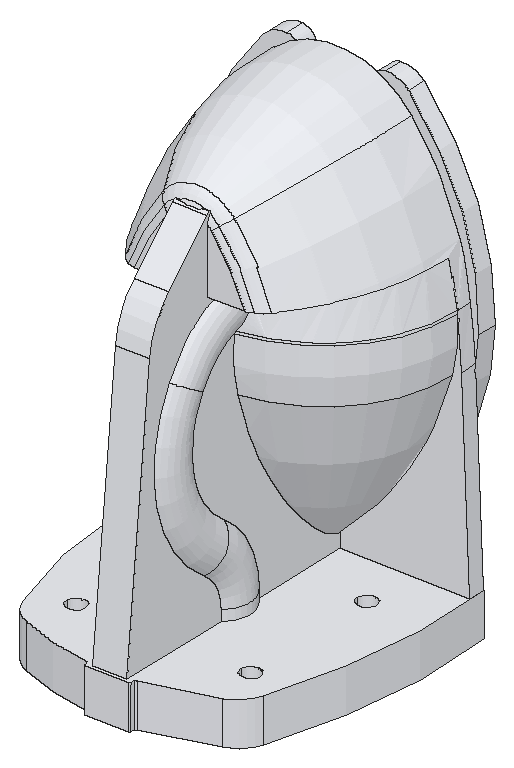
Revit family "BM-00482_CT708UVG", category Plumbing Fixtures, host Face, Revit 2016
Family settings
  Host = Face
  Part Type = Normal
  Round Connector Dimension = Use Diameter
  OmniClass Number = 23.45.05.21.11.11
  OmniClass Title = Water Operated Water Closets
  Cut with Voids When Loaded = No
  Shared = No
  Room Calculation Point = No
Parameters (values of type "CT708UVG")
  ecoScorecard_data = "http://toto.ecoscorecard.com/product/CT708EV"
  ecoScorecard Product Page = ""
  Width = 15 3/8"
  WaterSense = no
  Waste Connection NPT Radius = 1 1/16"
  Waste Connection = yes
  Warranty URL = "http://www.totousa.com/warranty-registration"
  Warranty = "One Year Limited Warranty"  # constant formula
  Vent Connection = yes
  Toto BIM Number = "BM-00482"  # constant formula
  Subcategory = "Toilets"  # constant formula
  Style = "Commercial"  # constant formula
  Spec Sheet URL = "https://www.totousa.com/filemanager_uploads/product_assets/SS-01254_CT708UV(G).pdf"
  Shipping Weight = 53.50 lbf
  SanoGloss Available = yes
  Product Page URL = " "
  Parts Manual URL = " "
  Mount Type = "Wall-Mounted"  # constant formula
  Manufacturer Phone - Toll Free = "1-888-295-8134"  # constant formula
  Manufacturer Phone = "(770) 282-8686 "  # constant formula
  Manufacturer Fax = "(770) 282-0002"  # constant formula
  Manufacturer Email = "mailto:custservice@totousa.com"
  Manufacturer Address = "1155 Southern Road, Morrow, Georgia 30260"  # constant formula
  Length = 24 7/8"
  Industry Standards = "Meets and exceeds ASME A112.19.2/CSA B45.1"  # constant formula
  Height = 17"
  HW Connection = no
  Gallons Per Flush = 1.00 gal
  Flush Valve Model Available = "TET1UA32#CP, TET6UA32#CP,TET2UA32#CP, TET3UA32#SS"  # constant formula
  WFU = 0
  URL = "http://www.totousa.com"
  Model = "CT708UVG"  # constant formula
  Manufacturer = "TOTO USA, Inc."  # constant formula
  HWFU = 0
  Flush System = "Siphon jet flushing action"  # constant formula
  Finish = Vitreous China - TOTO - 01 Cotton
  Description = "Commercial Flushometer Toilet, 1.0 GPF - ADA"
  Default Elevation = 0"  # constant formula
  Cost Info = "mailto:custservice@totousa.com"
  Color Availability = "#01 Cotton"  # constant formula
  Cold Water Connection NPT Radius = 1/2"
  Code Compliance = "UPC, IPC, NSPC, NPC Canada, and others"
  Certifications = "IAPMO (cUPC), State of Massachusetts, City of Los Angeles, and others"
  CWFU = 0
  CW Connection = yes
  CAD Drawing URL = ""
  Bowl Material = "Vitreous China"  # constant formula
  Assembly Code = "D2010110"
  ADA Compliant = yes
  95 CSI = "15410-800 "  # constant formula
  04 CSI = "22 42 13"  # constant formula
Reference planes (in)
  plane 1 "Center (Front/Back)": y = 0
  plane 2: z = 0
  plane 3 "Center (Left/Right)": x = 0
  plane 4: y = -9.625
  plane 5: y = -12.87425
  plane 6: x = 7.875
  plane 7: x = -7.875
  plane 8: z = 2.75
  plane 9: x = 4.75
  plane 10: z = 24.875
  plane 11: z = 6.375
  plane 12: y = -3.47879
Lines and regions (in)
  Masking region 1
    outline origin (0, -15, 48) x (1, 0, 0) y (0, 0, 1)
      loop
        arc (-3.71678, -24.50892) -> (-6.50305, -29.17165) -> (-7.37449, -34.53308) r 14.47478
        arc (-7.37449, -34.53308) -> (-7.3253, -35.38053) -> (-7.22478, -36.22343) r 13.98307
        arc (-7.22478, -36.22343) -> (-7.45552, -39.65077) -> (-7.61498, -43.08216) r 165.30181
        line (-7.61498, -43.08216) -> (-7.875, -46.23802) -> (-7.875, -48) -> (7.875, -48) -> (7.875, -46.23802) -> (7.61498, -43.08216)
        arc (7.61498, -43.08216) -> (7.45552, -39.65077) -> (7.22478, -36.22343) r 165.30181
        arc (7.22478, -36.22343) -> (7.3253, -35.38053) -> (7.37449, -34.53308) r 13.98307
        arc (7.37449, -34.53308) -> (6.50305, -29.17165) -> (3.71678, -24.50892) r 14.47478
        arc (3.71678, -24.50892) -> (3.28128, -24.17604) -> (2.75315, -24.02925) r 1.44538
        arc (2.75315, -24.02925) -> (0, -23.16023) -> (-2.75315, -24.02925) r 4.79565
        arc (-2.75315, -24.02925) -> (-3.28128, -24.17604) -> (-3.71678, -24.50892) r 1.44538
  Masking region 2
    outline origin (-15, 11.5, 48) x (1, 0, 0) y (0, 0, 1)
      loop
        arc (17.75315, -24.02925) -> (15, -23.16023) -> (12.24685, -24.02925) r 4.79565
        arc (12.24685, -24.02925) -> (11.71872, -24.17604) -> (11.28322, -24.50892) r 1.44538
        arc (11.28322, -24.50892) -> (8.49695, -29.17165) -> (7.62551, -34.53308) r 14.47478
        arc (7.62551, -34.53308) -> (7.6747, -35.38053) -> (7.77522, -36.22343) r 13.98307
        arc (7.77522, -36.22343) -> (7.54448, -39.65077) -> (7.38502, -43.08216) r 165.30181
        line (7.38502, -43.08216) -> (7.125, -46.23802) -> (7.125, -48) -> (22.875, -48) -> (22.875, -46.23802) -> (22.61498, -43.08216)
        arc (22.61498, -43.08216) -> (22.45552, -39.65077) -> (22.22478, -36.22343) r 165.30181
        arc (22.22478, -36.22343) -> (22.3253, -35.38053) -> (22.37449, -34.53308) r 13.98307
        arc (22.37449, -34.53308) -> (21.50305, -29.17165) -> (18.71678, -24.50892) r 14.47478
        arc (18.71678, -24.50892) -> (18.28128, -24.17604) -> (17.75315, -24.02925) r 1.44538
  symbolic lines
    curve 1: arc (-5.41064, 11.5, 6.69816) -> (-4.45692, 11.5, 5.85016) -> (-3.18887, 11.5, 5.70621) r 2.11237
    curve 2: arc (-7.22478, 11.5, 11.77657) -> (-6.56485, 11.5, 9.14908) -> (-5.41064, 11.5, 6.69816) r 13.98307
    curve 3: arc (5.41064, 11.5, 6.69816) -> (6.56485, 11.5, 9.14908) -> (7.22478, 11.5, 11.77657) r 13.98307
    curve 4: arc (3.16192, 11.5, 5.71053) -> (4.44441, 11.5, 5.84429) -> (5.41064, 11.5, 6.69816) r 2.11404
    curve 5: line (-3.18887, 11.5, 6.10123) -> (3.16192, 11.5, 6.10123)
    curve 6: line (3.16192, 11.5, 6.10123) -> (3.16192, 11.5, 5.71053)
    curve 7: line (-3.18887, 11.5, 5.70621) -> (-3.18887, 11.5, 6.10123)
    curve 8: arc (1.85427, 11.5, 22.79835) -> (0, 11.5, 23.34561) -> (-1.85427, 11.5, 22.79835) r 3.415
    curve 9: arc (-2.54441, 11.5, 23.97243) -> (-2.64881, 11.5, 23.97536) -> (-2.75315, 11.5, 23.97075) r 1.44538
    curve 10: arc (-2.29687, 11.5, 20.84123) -> (-1.95276, 11.5, 22.01309) -> (-1.84257, 11.5, 23.22944) r 6.2647
    curve 11: arc (-4.0351, 11.5, 11.95739) -> (-3.58929, 11.5, 16.48214) -> (-2.29687, 11.5, 20.84123) r 23.96307
    curve 12: arc (4.0351, 11.5, 11.95739) -> (0, 11.5, 7.90936) -> (-4.0351, 11.5, 11.95739) r 4.03512
    curve 13: arc (2.29687, 11.5, 20.84123) -> (3.58929, 11.5, 16.48214) -> (4.0351, 11.5, 11.95739) r 23.96307
    curve 14: arc (1.84257, 11.5, 23.22944) -> (1.95276, 11.5, 22.01309) -> (2.29687, 11.5, 20.84123) r 6.2647
    curve 15: arc (2.54441, 11.5, 23.97243) -> (2.04734, 11.5, 23.73899) -> (1.84257, 11.5, 23.22944) r 0.75
    curve 16: arc (1.85427, 11.5, 22.79835) -> (0, 11.5, 23.34561) -> (-1.85427, 11.5, 22.79835) r 3.415
    curve 17: arc (2.75315, 11.5, 23.97075) -> (2.64881, 11.5, 23.97536) -> (2.54441, 11.5, 23.97243) r 1.44538
    curve 18: arc (-1.84257, 11.5, 23.22944) -> (-2.04734, 11.5, 23.73899) -> (-2.54441, 11.5, 23.97243) r 0.75
    curve 19: arc (0.58873, 11.5, 11.94176) -> (0.85203, 11.5, 10.7746) -> (0.83715, 11.5, 9.57821) r 5.11821
    curve 20: line (0.58873, 11.5, 11.94176) -> (-0.58873, 11.5, 11.94176)
    curve 21: arc (-0.83715, 11.5, 9.57821) -> (-0.85203, 11.5, 10.7746) -> (-0.58873, 11.5, 11.94176) r 5.11821
    curve 22: line (-0.83715, 11.5, 9.57821) -> (0.83715, 11.5, 9.57821)
    curve 23: circle (0, 11.5, 2.75) r 0.75 normal (0, -1, 0)
Dimensions and locks (in)
  locked: plane 8 to plane 2 at 2.75
  locked: plane 10 to plane 2 at 24.875
  locked: plane 11 to plane 10 at 18.5
  locked: plane 6 to plane 7 at 15.75
  equal spacing: plane 6, plane 3 "Center (Left/Right)", plane 7
  locked: plane 9 to plane 3 "Center (Left/Right)" at 4.75
  Masking region 1 sketch curve to Masking region 1 sketch curve to Masking region 1 sketch curve to Masking region 1 sketch curve to plane 3 "Center (Left/Right)" to Masking region 1 sketch curve to Masking region 1 sketch curve to Masking region 1 sketch curve to Masking region 1 sketch curve = 0.26002" locked, 0.3902" locked, 4.47163" locked, 2.75315" locked, 2.75315" locked, 4.47163" locked, 0.3902" locked, 0.26002" locked
  plane 8 to host face = 2 3/4"
  aligned and locked: plane 2 to host face
  aligned and locked: level to host face
  aligned and locked: Masking region 2 sketch curve to Masking region 1  (x4)
  aligned and locked: Masking region 1 sketch curve to Masking region 1 sketch curve
  aligned and locked: Masking region 1 sketch curve to plane 2
Automatic sketch dimensions
  host sketch curve to host sketch curve = 17.77386"
  host sketch curve to host sketch curve = 16.19972"
  Masking region 1 sketch curve to plane 3 "Center (Left/Right)" = 0"
  Masking region 1 sketch curve to level = 1.03967"  (x2)
  Masking region 1 sketch curve to plane 7 = 149.70444"
  Masking region 1 sketch curve to Masking region 1 sketch curve = 0.27972"  (x2)
  Masking region 1 sketch curve to Masking region 1 sketch curve = 0"  (x3)
  Masking region 1 sketch curve to Masking region 1 sketch curve = 0.49152"  (x2)
  Masking region 1 sketch curve to Masking region 1 sketch curve = 0.96363"
  Masking region 1 sketch curve to Masking region 1 sketch curve = 0.11596"  (x2)
  plane 9 to Masking region 1 sketch curve = 1.03322"
  Masking region 1 sketch curve to plane 6 = 149.70444"
  plane 8 to Masking region 1 sketch curve = 0.98802"  (x2)
  Masking region 1 sketch curve to Masking region 1 sketch curve = 2.48591"
  curve 8 to curve 16 = 0"  (x4)
  curve 23 to plane 3 "Center (Left/Right)" = 0"
  curve 8 to plane 3 "Center (Left/Right)" = 0"
  curve 23 to plane 8 = 0"
  plane 7 to curve 2 = 0.65022"
  plane 7 to curve 3 = 1.27176"
  curve 1 to plane 11 = 0.32316"
  plane 7 to curve 1 = 2.46436"
  curve 2 to curve 1 = 0"
  curve 1 to plane 11 = 1.40402"
  curve 1 to curve 1 = 1.81489"
  plane 11 to curve 1 = 0.66879"
  curve 9 to curve 18 = 0.20874"
  curve 16 to curve 10 = 3/256"
  curve 21 to plane 3 "Center (Left/Right)" = 0.58873"
  curve 15 to curve 17 = 0.20874"
  plane 11 to curve 6 = 0.27377"
  plane 9 to curve 6 = 1.58808"
  plane 9 to curve 4 = 1.15569"
  curve 3 to plane 11 = 0.32316"
  curve 3 to plane 9 = 0.66064"
  curve 4 to curve 3 = 0"
  plane 6 to curve 2 = 1.27176"
  plane 6 to curve 3 = 0.65022"
  curve 4 to curve 5 = 0.3907"
  curve 8 to curve 10 = 0.91062"
  plane 7 to Masking region 2 sketch curve = 0"
  plane 6 to Masking region 2 sketch curve = 0.26002"
  plane 8 to Masking region 2 sketch curve = 0.98802"
  Masking region 2 sketch curve to level = 0"
  plane 6 to Masking region 2 sketch curve = 0"
  curve 12 to plane 3 "Center (Left/Right)" = 0"
  curve 10 to plane 7 = 0.23211"
  curve 13 to plane 11 = 5.50572"
  curve 13 to plane 7 = 12.05285"
  curve 19 to curve 1 = 0.64239"
  curve 19 to curve 12 = 0.20304"
  curve 11 to curve 12 = 0"
  plane 10 to curve 9 = 0.90425"
  curve 9 to plane 3 "Center (Left/Right)" = 2.75315"
  curve 9 to curve 9 = 0.11596"
  curve 9 to curve 18 = 0.04464"
  curve 9 to curve 18 = 0"
  curve 9 to curve 10 = 0.34032"
  curve 11 to curve 10 = 0"
  curve 9 to curve 16 = 0.78292"
  curve 18 to curve 10 = 0"
  curve 21 to plane 3 "Center (Left/Right)" = 0.83715"
  plane 3 "Center (Left/Right)" to curve 19 = 0.58873"
  plane 3 "Center (Left/Right)" to curve 22 = 0.83715"
  plane 3 "Center (Left/Right)" to curve 14 = 1.84257"
  curve 15 to curve 14 = 0"
  curve 15 to curve 16 = 3/256"
  curve 16 to curve 13 = 0.44259"
  curve 14 to curve 13 = 0"
  curve 14 to curve 15 = 0.70184"
  curve 17 to curve 15 = 0"
  curve 15 to curve 15 = 0.04814"
  curve 15 to curve 17 = 0.04464"
  plane 9 to curve 13 = 0.7149"
  curve 12 to curve 13 = 0"
  curve 17 to curve 14 = 5.35396"
  curve 19 to curve 12 = 2.36627"
  radius of curve 23 = 3/4"
Nested families (in)
  nested 1: "CT708EV" at (0.19207, 0.1648, 0), type "CT708EV"
    with Flush Valve yes, Flow Pressure 0.00 psi
Connectors (in)
  piping at (0.20143, 1.77792, 0.02231), diameter 1.5
    settings: on nested 1, index 1, connector inside diameter 1 1/2", connector length 0", flow factor 0, pipe flow 0 GPM, pressure drop 0.00 psi, fitting loss kfactor 0, connector angle 0.00°, fixture units 0, engagement length 0", angle of deflection 0.00°, flow configuration 0, flow direction 0, fitting loss method 0, system type 16, joint type 0, gender type 0, connector reference index -1, connector utility 0, adjustable connector no, is connector primary yes, connector description ""
  piping at (0.19207, -7.22974, -1.00443), diameter 4
    settings: on nested 1, index 2, connector inside diameter 4", connector length 0", flow factor 0, pipe flow 0 GPM, pressure drop 0.00 psi, fitting loss kfactor 0, connector angle 0.00°, fixture units 0, engagement length 0", angle of deflection 0.00°, flow configuration 0, flow direction 0, fitting loss method 0, system type 16, joint type 0, gender type 0, connector reference index -1, connector utility 0, adjustable connector no, is connector primary no, connector description ""
Definition of nested family "CT708EV"
  Parameters
    ecoScorecard = "http://toto.ecoscorecard.com/"
    Width = 15 3/4"
    Water Wash Flow Rate = "35 psi (ﬂowing)"  # constant formula
    Water Use = " 1.28GPF/4.8LP"  # constant formula
    Waste Connection = yes
    Warranty URL = "http://www.totousa.com/Support/WarrantyInformation.aspx"
    Warranty = "One Year Limited Warranty"  # constant formula
    Vent Connection = yes
    Toto BIM Number = "BM-00027"  # constant formula
    Subcategory = "Toilets"  # constant formula
    Style = "Commercial"  # constant formula
    Spec Sheets URL = "http://www.totousa.com/Portals/0/ProductDownloads/SS-00210,%20CT708E_EV,%20V.06.pdf"
    Shipping Weight = 49.00 lbf
    SMARTBIM URL = "http://www.smartbim.com"
    SMARTBIM Object Version = 3  # constant formula
    SMARTBIM Object Created By = "SMARTBIM, LLC"  # constant formula
    SMARTBIM Contact = "mailto:smartbim@smartbim.com"
    Product URL = "http://www.totousa.com/ProductDetail.aspx?productid=378"
    Product Page URL = "http://www.totousa.com/ProductDetail.aspx?productid=378"
    Product Line = "Commercial Flushometer High Efficiency Toilet - 1.28 GPF, Top Inlet Spud"  # constant formula
    Parts Manual URL = "http://www.totousa.com/Portals/0/ProductDownloads/PD-00138,%20CT708E,%20V.01.pdf"
    Owners Manual URL = ""
    Mounting = "Retro-Fit Mounting Nut (5/8-11) (4 pieces)"
    Material = none
    Manufacturer Phone - Toll Free = "1-888-295-8134"  # constant formula
    Manufacturer Phone = "(770) 282-8686 "  # constant formula
    Manufacturer Fax = "(770) 282-0002"  # constant formula
    Manufacturer Email = "mailto:custservice@totousa.com "
    Manufacturer Address = "1155 Southern Road, Morrow, Georgia 30260"  # constant formula
    Length = 24 7/8"
    Industry Standards = "Meets and exceeds ASME A112.19.2/CSA B45.1 Certiﬁ cations: IAPMO (cUPC), State of Massachusetts, City of Los Angeles, and others.Code compliance: UPC, IPC, NSPC, NPC Canada, and others.ADA Compliant\r\n"  # constant formula
    Height = 17"
    HW Connection = no
    Gallons Per Flush = 1.28
    Flush Valve [instance] = yes
    Flush System = " Siphon jet ﬂushing action"  # constant formula
    Flow Pressure [instance] = 0.00 psi
    WFU = 0
    URL = "http://www.totousa.com"
    Model = "CT708E"
    Manufacturer = "TOTO Usa"  # constant formula
    HWFU = 0
    Description = "Toilets, Commercial, Elongated, Commercial Flushometer High Efficiency Toilet - 1.28 GPF, Top Inlet Spud"  # constant formula
    Depth = 12 3/4"
    Default Elevation = 0"  # constant formula
    Cost Info = "mailto:custservice@totousa.com "
    Color = "01 Cotton 03 Bone 12 Sedona Beig"  # constant formula
    Cold Water Connection NPT = 1"
    CWFU = 0
    CW Connection = yes
    CADworks URL = "http://www.CADworks.net"
    CAD Drawing URL = "http://www.totousa.com/Portals/0/ProductDownloads/AD-00274,%20CT708E,%20V.01.dxf"
    Assembly Code = "D2010110"
    Air Dry Flow Rate = 23.00 GPM
    ADA Compliant = yes
    95 CSI = "15410-800 "  # constant formula
    04 CSI = "22 42 13"  # constant formula
  Reference planes (in)
    plane 1 "Center (Front/Back)": y = 0
    plane 2: z = 0
    plane 3 "Center (Left/Right)": x = 0
    plane 4: y = -9.625
    plane 5: y = -12.87425
    plane 6: x = 7.875
    plane 7: x = -7.875
    plane 8: z = 2.75
    plane 9: x = 4.75
    plane 10: z = 24.875
    plane 11: z = 6.375
    plane 12: y = -3.47879
    plane 13 "AAAAA": y = -7.39455
    plane 14: y = -11.14455
    plane 15: y = -3.64455
  Forms (in)
    Extrusion 1, solid
      sketch origin (0, 0, 0) x (1, 0, 0) y (0, 1, 0)
        loop
          line (-9, 2) -> (-9, -15.68762) -> (8.77386, -15.68762) -> (8.77386, 2) -> (-9, 2)
      from 0 to -1
    Extrusion 2, solid, material <- "Material"
      sketch origin (-22.66442, 3.6538, 0) x (1, 0, 0) y (0, 1, 0)
        loop
          line (30.26025, -3.6538) -> (15.06859, -3.6538)
          arc (15.06859, -3.6538) -> (14.95446, -9.88173) -> (16.33032, -15.95686) r 25.90474
          arc (16.33032, -15.95686) -> (16.77753, -16.67573) -> (17.48208, -17.14518) r 2
          arc (17.48208, -17.14518) -> (19.4402, -17.79849) -> (21.45596, -18.24315) r 19.6854
          arc (21.45596, -18.24315) -> (21.5104, -18.27405) -> (21.53196, -18.33283) r 0.0909
          line (21.53196, -18.33283) -> (21.53196, -18.44992)
          arc (21.53196, -18.44992) -> (21.55484, -18.50516) -> (21.61008, -18.52805) r 0.07813
          line (21.61008, -18.52805) -> (23.84201, -18.52805)
          arc (23.84201, -18.52805) -> (23.89725, -18.50516) -> (23.92013, -18.44992) r 0.07813
          line (23.92013, -18.44992) -> (23.92013, -18.26624)
          arc (23.92013, -18.26624) -> (23.94089, -18.20881) -> (23.99356, -18.17791) r 0.08984
          arc (23.99356, -18.17791) -> (25.81979, -17.7475) -> (27.59675, -17.14518) r 19.6854
          arc (27.59675, -17.14518) -> (28.30131, -16.67573) -> (28.74852, -15.95686) r 2
          arc (28.74852, -15.95686) -> (30.18683, -9.88918) -> (30.26025, -3.6538) r 28.27699
      from 2.25 to 0
    Extrusion 3, solid, material <- "Material", detail levels fine
      sketch origin (0, 0, 0) x (1, 0, 0) y (0, 1, 0)
        loop
          circle (0, -7.39455) r 2
      from -1.00443 to 0
    Sweep 4, solid, material <- "Material"
      path origin (0, 0, -24) x (0, 0, 1) y (1, 0, 0)
        loop
          line (25.67333, 7.59583) -> (36.55403, 7.16248)
          arc (36.55403, 7.16248) -> (37.93024, 7.04313) -> (39.30541, 6.91228) r 165.30181
          arc (39.30541, 6.91228) -> (43.30864, 5.93341) -> (46.88229, 3.88083) r 14.68623
          arc (46.88229, 3.88083) -> (48.77773, 0) -> (46.88229, -3.88083) r 4.92064
          arc (46.88229, -3.88083) -> (43.30864, -5.93341) -> (39.30541, -6.91228) r 14.68623
          arc (39.30541, -6.91228) -> (37.93024, -7.04313) -> (36.55403, -7.16248) r 165.30181
          line (36.55403, -7.16248) -> (25.67333, -7.59583)
      profile origin (-7.37915, 0, 7.11368) x (-0.999208, 0, 0.039796) y (0, 1, 0)
        loop
          line (0, 0) -> (-3.49027, 0) -> (-3.49027, -9.44396)
          arc (-3.49027, -9.44396) -> (-3.29373, -9.38073) -> (-3.10629, -9.29417) r 1.70245
          arc (-3.10629, -9.29417) -> (-2.82801, -9.10292) -> (-2.59761, -8.85608) r 1.55415
          arc (-2.59761, -8.85608) -> (-0.50033, -4.66224) -> (0, 0) r 13.21146
    Revolve 5, void
      sketch origin (0, 0, -24) x (0, 0, 1) y (1, 0, 0)
        loop
          arc (33.97514, 3.79471) -> (32.21876, 2.24274) -> (31.53786, 0) r 4.29781
          line (31.53786, 0) -> (47.34561, 0)
          arc (47.34561, 0) -> (47.07665, 1.37561) -> (46.25647, 2.51225) r 3.27011
          arc (46.25647, 2.51225) -> (44.3797, 3.92494) -> (42.18032, 4.75) r 8.23131
          arc (42.18032, 4.75) -> (40.57061, 4.99573) -> (38.94269, 5.03326) r 12.68645
          arc (38.94269, 5.03326) -> (36.39579, 4.66717) -> (33.97514, 3.79471) r 12.68645
        axis (47.34561, 0) -> (31.53786, 0)
      angle from 0 to 360
    Extrusion 6, solid, material <- "Material"
      sketch origin (0, 0, -24) x (0, 0, 1) y (1, 0, 0)
        loop
          arc (44.73648, 1.12811) -> (42.01213, 2.69288) -> (38.96029, 3.43911) r 11.19595
          arc (38.96029, 3.43911) -> (37.65092, 3.56385) -> (36.34058, 3.67794) r 161.81153
          line (36.34058, 3.67794) -> (25.67333, 4.10279) -> (25.67333, -4.10279) -> (36.34058, -3.67794)
          arc (36.34058, -3.67794) -> (37.65092, -3.56385) -> (38.96029, -3.43911) r 161.81153
          arc (38.96029, -3.43911) -> (42.01213, -2.69288) -> (44.73648, -1.12811) r 11.19595
          arc (44.73648, -1.12811) -> (45.28746, 0) -> (44.73648, 1.12811) r 1.43036
      from -9.44396 to 0
    Extrusion 7, void
      sketch origin (0, 0, 0) x (1, 0, 0) y (0, 1, 0)
        loop
          circle (-4.5, -11.14455) r 0.5
        loop
          circle (4.5, -11.14455) r 0.5
        loop
          circle (-4.5, -3.64455) r 0.5
        loop
          circle (4.5, -3.64455) r 0.5
      from 0 to 3.75
    Extrusion 8, solid, material <- "Material"
      sketch origin (0, 0, 0) x (0, 1, 0) y (0, 0, 1)
        loop
          arc (-8.62425, 21.02949) -> (-8.93291, 21.49143) -> (-9.4778, 21.38304) r 0.5
          line (-9.4778, 21.38304) -> (-11.93245, 18.9284)
          arc (-11.93245, 18.9284) -> (-12.76323, 17.75287) -> (-13.15396, 16.36744) r 4.25
          line (-13.15396, 16.36744) -> (-14.63776, 2.25) -> (-8.62425, 2.25) -> (-8.62425, 21.02949)
      from -0.86603 to 0.90404
    Extrusion 9, void
      sketch origin (0, 0, 0) x (0, 1, 0) y (0, 0, 1)
        loop
          arc (-11.44578, 17.62784) -> (-12.61676, 17.17834) -> (-13.18619, 16.06076) r 1.75
          line (-13.18619, 16.06076) -> (-14.87425, 0) -> (-0.87075, 0) -> (-0.87075, 17.62784) -> (-11.44578, 17.62784)
      from -12.30962 to -0.86603
    Extrusion 10, void
      sketch origin (0, 0, 0) x (0, 1, 0) y (0, 0, -1)
        loop
          line (-13.483, -17.62784) -> (-0.87075, -17.62784) -> (-0.87075, 0) -> (-14.87425, 0) -> (-14.87425, -14.26908)
          arc (-14.87425, -14.26908) -> (-14.51268, -16.08683) -> (-13.483, -17.62784) r 4.75
      from -12.30962 to -0.90404
    Revolve 11, solid, material <- "Material"
      sketch origin (31.625, -0.87904, -39.56365) x (0, 0, 1) y (1, 0, 0)
        loop
          arc (64.34138, -31.625) -> (63.8422, -29.46551) -> (62.44593, -27.74417) r 4.92064
          arc (62.44593, -27.74417) -> (58.87229, -25.69159) -> (54.86905, -24.71272) r 14.68623
          arc (54.86905, -24.71272) -> (54.79532, -24.70541) -> (54.72158, -24.69813) r 165.30181
          arc (54.72158, -24.69813) -> (53.23705, -24.68833) -> (51.77556, -24.94898) r 8.11972
          arc (51.77556, -24.94898) -> (46.25322, -27.47696) -> (41.81692, -31.625) r 18.91238
          line (41.81692, -31.625) -> (64.34138, -31.625)
        axis (64.34138, -31.625) -> (41.81692, -31.625)
      angle from -0.013 to 180
    Extrusion 12, void
      sketch origin (0, 0, 0) x (0, 1, 0) y (0, 0, 1)
        loop
          line (-8.94786, 17.62784) -> (-0.87075, 17.62784) -> (-0.87075, 33.22586) -> (-8.94786, 33.22586) -> (-8.94786, 17.62784)
      from -8.19257 to 9.50948
    Extrusion 13, solid, material <- "Material"
      sketch origin (0.00001, 0, -0.12668) x (1, 0, 0) y (0, 0, 1)
        loop
          arc (5.41064, 7.32316) -> (6.82602, 10.58178) -> (7.37449, 14.09192) r 13.98307
          arc (7.37449, 14.09192) -> (6.50305, 19.45335) -> (3.71678, 24.11608) r 14.47478
          arc (3.71678, 24.11608) -> (3.18616, 24.4921) -> (2.54441, 24.59743) r 1.44538
          arc (2.54441, 24.59743) -> (2.04734, 24.36399) -> (1.84257, 23.85444) r 0.75
          arc (1.84257, 23.85444) -> (1.95276, 22.63809) -> (2.29687, 21.46623) r 6.2647
          arc (2.29687, 21.46623) -> (3.58929, 17.10714) -> (4.0351, 12.58239) r 23.96307
          arc (4.0351, 12.58239) -> (0, 8.53436) -> (-4.0351, 12.58239) r 4.03512
          arc (-4.0351, 12.58239) -> (-3.58929, 17.10714) -> (-2.29687, 21.46623) r 23.96307
          arc (-2.29687, 21.46623) -> (-1.95276, 22.63809) -> (-1.84257, 23.85444) r 6.2647
          arc (-1.84257, 23.85444) -> (-2.04734, 24.36399) -> (-2.54441, 24.59743) r 0.75
          arc (-2.54441, 24.59743) -> (-3.18616, 24.4921) -> (-3.71678, 24.11608) r 1.44538
          arc (-3.71678, 24.11608) -> (-6.50305, 19.45335) -> (-7.37449, 14.09192) r 14.47478
          arc (-7.37449, 14.09192) -> (-6.82602, 10.58178) -> (-5.41064, 7.32316) r 13.98307
          arc (-5.41064, 7.32316) -> (-4.45692, 6.47516) -> (-3.18887, 6.33121) r 2.11237
          line (-3.18887, 6.33121) -> (-3.18887, 6.72623) -> (3.16192, 6.72623) -> (3.16192, 6.33553)
          arc (3.16192, 6.33553) -> (4.44441, 6.46929) -> (5.41064, 7.32316) r 2.11404
      from 0 to -1
    Extrusion 14, void
      sketch origin (0, 0, 0) x (1, 0, 0) y (0, 0, 1)
        loop
          line (-0.83715, 9.57821) -> (0.83715, 9.57821)
          arc (0.83715, 9.57821) -> (0.85203, 10.7746) -> (0.58873, 11.94176) r 5.11821
          line (0.58873, 11.94176) -> (-0.58873, 11.94176)
          arc (-0.58873, 11.94176) -> (-0.85203, 10.7746) -> (-0.83715, 9.57821) r 5.11821
      from 0 to 5.99528
    Sweep 15, solid, material <- "Material"
      path origin (0, -0.32012, -1.00909) x (0, 1, 0) y (0, 0, 1)
        loop
          arc (-4.91526, 17.53555) -> (-8.14277, 17.28008) -> (-10.56855, 15.13587) r 5.10859
          arc (-10.56855, 15.13587) -> (-11.25185, 10.61454) -> (-8.67361, 6.83803) r 6.25
          arc (-8.67361, 6.83803) -> (-7.49878, 5.52564) -> (-7.07431, 3.81613) r 3.65461
          line (-7.07431, 3.81613) -> (-7.07431, 1.00909)
      profile origin (0, -7.8189, 4.51655) x (0, 0.883851, 0.467768) y (1, 0, 0)
        loop
          circle (0, 0) r 1.5
    Blend 16, solid, material <- "Material"
      base sketch origin (-190.69755, 0, 17.84967) x (1, 0, 0) y (0, 0, 1)
        loop
          arc (188.51389, -17.64967) -> (188.57479, -17.7967) -> (188.72181, -17.8576) r 0.20793
          line (188.72181, -17.8576) -> (192.67238, -17.8576)
          arc (192.67238, -17.8576) -> (192.82106, -17.79443) -> (192.87878, -17.64355) r 0.20654
          line (192.87878, -17.64355) -> (192.70908, -13.89647)
          arc (192.70908, -13.89647) -> (192.46652, -13.36285) -> (191.92247, -13.14468) r 0.78742
          line (191.92247, -13.14468) -> (189.47236, -13.14468)
          arc (189.47236, -13.14468) -> (188.92846, -13.36272) -> (188.68577, -13.89608) r 0.78742
          line (188.68577, -13.89608) -> (188.51389, -17.64967)
      top sketch origin (-190.69755, 0, 17.84967) x (1, 0, 0) y (0, 0, 1)
        loop
          line (191.82722, -15.03201) -> (189.63019, -15.03201)
          arc (189.63019, -15.03201) -> (189.08639, -15.24995) -> (188.84361, -15.78312) r 0.78742
          line (188.84361, -15.78312) -> (188.76017, -17.59111)
          arc (188.76017, -17.59111) -> (188.81169, -17.72389) -> (188.93929, -17.78717) r 0.19685
          line (188.93929, -17.78717) -> (192.50062, -17.78717)
          arc (192.50062, -17.78717) -> (192.63949, -17.72964) -> (192.69702, -17.59077) r 0.1964
          line (192.69702, -17.59077) -> (192.6138, -15.78322)
          arc (192.6138, -15.78322) -> (192.37106, -15.24998) -> (191.82722, -15.03201) r 0.78742
      from 0 to -3.75693
    Extrusion 17, void
      sketch origin (0, 0, 0) x (0, 1, 0) y (0, 0, 1)
        loop
          arc (3.60545, 0.48896) -> (3.49438, 0.22082) -> (3.22624, 0.10975) r 0.37921
          line (3.22624, 0.10975) -> (3.22624, -1.1898) -> (6.65897, -1.1898) -> (6.65897, 5.5602) -> (0, 5.5602) -> (0, 4.66539)
          arc (0, 4.66539) -> (0.06359, 4.45085) -> (0.23381, 4.30561) r 0.39371
          line (0.23381, 4.30561) -> (2.91965, 3.11191)
          arc (2.91965, 3.11191) -> (3.24244, 2.84744) -> (3.38475, 2.45515) r 0.78742
          line (3.38475, 2.45515) -> (3.60545, 0.48896)
      from -2.77676 to 2.74809
  Cuts and joins
    Extrusion 7, Extrusion 14, Extrusion 17 cuts Extrusion 2
    Revolve 5, Extrusion 7, Extrusion 9, Extrusion 10, Extrusion 14, Extrusion 17 cuts Sweep 4
    Revolve 5, Extrusion 7, Extrusion 9, Extrusion 10, Extrusion 14, Extrusion 17 cuts Extrusion 6
    Extrusion 10, Extrusion 14, Extrusion 17 cuts Extrusion 8
    Revolve 5, Extrusion 12, Extrusion 14, Extrusion 17 cuts Revolve 11
    Extrusion 17 cuts Sweep 15
    joined: Extrusion 2, Sweep 4, Extrusion 6, Extrusion 8, Revolve 11, Sweep 15
    Extrusion 7, Extrusion 9, Extrusion 10 cuts Extrusion 3
    Extrusion 14 cuts Extrusion 13
    Extrusion 17 cuts Blend 16
  Lines and regions (in)
    symbolic lines
      curve 1: arc (-5.41064, 11.5, 6.69816) -> (-4.45692, 11.5, 5.85016) -> (-3.18887, 11.5, 5.70621) r 2.11237
      curve 2: arc (-7.22478, 11.5, 11.77657) -> (-6.56485, 11.5, 9.14908) -> (-5.41064, 11.5, 6.69816) r 13.98307
      curve 3: arc (5.41064, 11.5, 6.69816) -> (6.56485, 11.5, 9.14908) -> (7.22478, 11.5, 11.77657) r 13.98307
      curve 4: arc (3.16192, 11.5, 5.71053) -> (4.44441, 11.5, 5.84429) -> (5.41064, 11.5, 6.69816) r 2.11404
      curve 5: line (-3.18887, 11.5, 6.10123) -> (3.16192, 11.5, 6.10123)
      curve 6: line (3.16192, 11.5, 6.10123) -> (3.16192, 11.5, 5.71053)
      curve 7: line (-3.18887, 11.5, 5.70621) -> (-3.18887, 11.5, 6.10123)
      curve 8: arc (1.85427, 11.5, 22.79835) -> (0, 11.5, 23.34561) -> (-1.85427, 11.5, 22.79835) r 3.415
      curve 9: arc (1.85427, 11.5, 22.79835) -> (0, 11.5, 23.34561) -> (-1.85427, 11.5, 22.79835) r 3.415
      curve 10: arc (0.58873, 11.5, 11.94176) -> (0.85203, 11.5, 10.7746) -> (0.83715, 11.5, 9.57821) r 5.11821
      curve 11: line (0.58873, 11.5, 11.94176) -> (-0.58873, 11.5, 11.94176)
      curve 12: arc (-0.83715, 11.5, 9.57821) -> (-0.85203, 11.5, 10.7746) -> (-0.58873, 11.5, 11.94176) r 5.11821
      curve 13: line (-0.83715, 11.5, 9.57821) -> (0.83715, 11.5, 9.57821)
  Dimensions and locks (in)
    locked: plane 8 to plane 2 at 2.75
    locked: plane 10 to plane 2 at 24.875
    locked: plane 11 to plane 10 at 18.5
    locked: plane 6 to plane 7 at 15.75
    equal spacing: plane 6, plane 3 "Center (Left/Right)", plane 7
    locked: plane 9 to plane 3 "Center (Left/Right)" at 4.75
    plane 8 to Extrusion 1 = 2 3/4"
    Extrusion 7 sketch curve to plane 3 "Center (Left/Right)" = 4 1/2"
    plane 3 "Center (Left/Right)" to Extrusion 7 sketch curve = 4 1/2"
    plane 14 to plane 15 = 7 1/2"
    aligned and locked: plane 2 to Extrusion 1
    aligned and locked: level to Extrusion 1
    aligned and locked: Extrusion 2 sketch curve to plane 1 "Center (Front/Back)"
    aligned: Extrusion 6 to cut or joined group of Extrusion 2, Sweep 4, Revolve 5, Extrusion 6, Extrusion 7, Extrusion 8, Extrusion 9, Extrusion 10, Revolve 11, Extrusion 12, Extrusion 14, Sweep 15, Extrusion 17
    aligned and locked: plane 13 "AAAAA" to Extrusion 3 sketch curve
    aligned and locked: plane 3 "Center (Left/Right)" to Extrusion 3 sketch curve
    aligned and locked: level to Extrusion 3
  Automatic sketch dimensions
    Extrusion 1 sketch curve to Extrusion 1 sketch curve = 17.77386"
    Extrusion 1 sketch curve to Extrusion 1 sketch curve = 17.68762"
    Extrusion 2 sketch curve to plane 12 = 0.69199"
    Extrusion 2 sketch curve to plane 7 = 12.6685"
    plane 7 to Extrusion 2 sketch curve = 0.27917"
    Extrusion 2 sketch curve to plane 5 = 0.57119"  (x2)
    Extrusion 2 sketch curve to plane 3 "Center (Left/Right)" = 6.3341"
    Extrusion 2 sketch curve to Extrusion 2 sketch curve = 0"  (x5)
    plane 5 to Extrusion 2 sketch curve = 0.61713"
    Extrusion 2 sketch curve to Extrusion 2 sketch curve = 1.15176"
    Extrusion 2 sketch curve to Extrusion 2 sketch curve = 1.88334"
    Extrusion 2 sketch curve to plane 3 "Center (Left/Right)" = 2.26838"
    Extrusion 2 sketch curve to plane 3 "Center (Left/Right)" = 1.22336"
    Extrusion 2 sketch curve to Extrusion 2 sketch curve = 0.0149"
    Extrusion 2 sketch curve to Extrusion 2 sketch curve = 0.0909"
    Extrusion 2 sketch curve to Extrusion 2 sketch curve = 5/64"  (x2)
    plane 3 "Center (Left/Right)" to Extrusion 2 sketch curve = 1.17759"
    Extrusion 2 sketch curve to Extrusion 2 sketch curve = 0.07342"
    Extrusion 2 sketch curve to Extrusion 2 sketch curve = 0.01642"
    plane 9 to Extrusion 2 sketch curve = 0.54924"
    Extrusion 2 sketch curve to plane 9 = 0.18234"
    Extrusion 2 sketch curve to plane 9 = 1.3341"
    Extrusion 2 sketch curve to Extrusion 2 sketch curve = 0.18368"
    curve 8 to curve 9 = 0"  (x3)
    curve 9 to plane 3 "Center (Left/Right)" = 0"
    curve 11 to plane 3 "Center (Left/Right)" = 0.58873"
    curve 12 to plane 3 "Center (Left/Right)" = 0.83715"
    curve 8 to plane 3 "Center (Left/Right)" = 1.85427"
    curve 9 to curve 8 = 0"  (x2)
    plane 11 to curve 7 = 0.27377"
    curve 7 to plane 3 "Center (Left/Right)" = 3.18887"
    curve 1 to curve 5 = 0.40688"
    curve 10 to curve 1 = 0.64239"
    curve 2 to plane 11 = 0.32316"
    curve 2 to curve 1 = 1.81489"
    curve 1 to curve 2 = 0"
    plane 7 to curve 3 = 1.27176"
    plane 7 to curve 2 = 0.65022"
    plane 3 "Center (Left/Right)" to curve 10 = 0.58873"
    plane 3 "Center (Left/Right)" to curve 13 = 0.83715"
    plane 3 "Center (Left/Right)" to curve 8 = 1.85427"
    plane 11 to curve 4 = 0.66447"
    plane 9 to curve 4 = 1.58808"
    plane 9 to curve 4 = 1.15569"
    plane 9 to curve 12 = 0.51186"
    curve 4 to plane 11 = 0.32316"
    curve 4 to curve 4 = 1.81633"
    curve 3 to curve 4 = 0"
    plane 6 to curve 2 = 1.27176"
    plane 6 to curve 3 = 0.65022"
    curve 1 to curve 5 = 0.39502"
    curve 12 to plane 11 = 3.20321"
    curve 1 to curve 10 = 2.46058"
    plane 10 to curve 9 = 4.94439"
    plane 10 to curve 9 = 2.07665"
    Sweep 4 sketch curve to plane 3 "Center (Left/Right)" = 0"
    Sweep 4 sketch curve to level = 1.03967"  (x2)
    plane 6 to Sweep 4 sketch curve = 0.27917"
    plane 8 to Sweep 4 sketch curve = 1.07667"  (x2)
    plane 7 to Sweep 4 sketch curve = 0.27917"
    plane 7 to Sweep 4 sketch curve = 0.71252"
    Sweep 4 sketch curve to plane 11 = 6.17903"  (x2)
    plane 6 to Sweep 4 sketch curve = 0.71252"
    plane 6 to Sweep 4 sketch curve = 0.17302"
    Sweep 4 sketch curve to Sweep 4 sketch curve = 1.2992"  (x2)
    plane 7 to Sweep 4 sketch curve = 0.17302"
    plane 7 to Sweep 4 sketch curve = 0.96272"
    Sweep 4 sketch curve to Sweep 4 sketch curve = 1.45218"  (x2)
    Sweep 4 sketch curve to Sweep 4 sketch curve = 0"  (x4)
    plane 10 to Sweep 4 sketch curve = 5.01791"
    Revolve 5 sketch curve to Revolve 5 sketch curve = 0"  (x3)
    Revolve 5 sketch curve to plane 3 "Center (Left/Right)" = 0"  (x2)
    plane 9 to Revolve 5 sketch curve = 0"  (x2)
    Revolve 5 sketch curve to plane 11 = 1.16286"
    Revolve 5 sketch curve to plane 11 = 3.60014"
    Revolve 5 sketch curve to plane 3 "Center (Left/Right)" = 0.07987"
    Revolve 5 sketch curve to Revolve 5 sketch curve = 4.29707"
    Revolve 5 sketch curve to plane 9 = 0.28326"
    Revolve 5 sketch curve to Revolve 5 sketch curve = 4.96755"
    Revolve 5 sketch curve to plane 3 "Center (Left/Right)" = 3.29055"
    Revolve 5 sketch curve to Revolve 5 sketch curve = 1.90972"
    Revolve 5 sketch curve to Revolve 5 sketch curve = 1"
    plane 3 "Center (Left/Right)" to Revolve 5 sketch curve = 0.07489"
    Revolve 5 sketch curve to Revolve 5 sketch curve = 0.74815"
    plane 9 to Revolve 5 sketch curve = 2.23775"
    Extrusion 6 sketch curve to plane 3 "Center (Left/Right)" = 0"
    Extrusion 6 sketch curve to level = 1.03967"  (x2)
    plane 8 to Extrusion 6 sketch curve = 1.07667"
    plane 9 to Extrusion 6 sketch curve = 1.07206"
    Extrusion 6 sketch curve to plane 11 = 5.96558"  (x2)
    Extrusion 6 sketch curve to plane 3 "Center (Left/Right)" = 3.67794"
    plane 7 to Extrusion 6 sketch curve = 0.17302"
    Extrusion 6 sketch curve to Extrusion 6 sketch curve = 1.51265"  (x2)
    plane 6 to Extrusion 6 sketch curve = 0.17302"
    plane 9 to Extrusion 6 sketch curve = 1.31089"
    Extrusion 6 sketch curve to Extrusion 6 sketch curve = 2.61971"  (x2)
    Extrusion 6 sketch curve to Extrusion 6 sketch curve = 0"  (x2)
    plane 10 to Extrusion 6 sketch curve = 5.01791"
    plane 7 to Extrusion 6 sketch curve = 3.77221"
    plane 9 to Extrusion 6 sketch curve = 0.64721"
    Extrusion 10 sketch curve to level = 0"
    plane 5 to Extrusion 10 sketch curve = 2"
    plane 5 to Extrusion 10 sketch curve = 0.60876"
    plane 4 to Extrusion 10 sketch curve = 0.49925"
    plane 1 "Center (Front/Back)" to Extrusion 10 sketch curve = 0.87075"
    Extrusion 10 sketch curve to plane 11 = 7.89408"
    Extrusion 12 sketch curve to plane 10 = 8.35086"
    Extrusion 12 sketch curve to plane 4 = 0.67714"
    plane 1 "Center (Front/Back)" to Extrusion 12 sketch curve = 0.87075"
    plane 10 to Extrusion 12 sketch curve = 7.24716"
    Extrusion 13 sketch curve to plane 11 = 6.00404"
    Extrusion 13 sketch curve to plane 7 = 12.05284"
    Extrusion 13 sketch curve to plane 7 = 0.2321"
    plane 7 to Extrusion 13 sketch curve = 0.50052"
    Extrusion 13 sketch curve to Extrusion 13 sketch curve = 0"  (x13)
    Extrusion 13 sketch curve to Extrusion 13 sketch curve = 0.27972"
    Extrusion 13 sketch curve to Extrusion 13 sketch curve = 0.49152"
    Extrusion 13 sketch curve to plane 11 = 0.82148"  (x2)
    plane 7 to Extrusion 13 sketch curve = 2.46437"
    Extrusion 13 sketch curve to Extrusion 13 sketch curve = 2.56815"  (x2)
    plane 10 to Extrusion 13 sketch curve = 0.8856"
    Extrusion 13 sketch curve to plane 3 "Center (Left/Right)" = 3.71677"
    Extrusion 13 sketch curve to plane 11 = 1 231/256"
    Extrusion 13 sketch curve to Extrusion 13 sketch curve = 1.81489"
    plane 11 to Extrusion 13 sketch curve = 0.17047"
    Extrusion 13 sketch curve to Extrusion 13 sketch curve = 1.07959"
    Extrusion 13 sketch curve to Extrusion 13 sketch curve = 0.04464"  (x2)
    Extrusion 13 sketch curve to Extrusion 13 sketch curve = 0.04814"  (x2)
    Extrusion 13 sketch curve to Extrusion 13 sketch curve = 0.34032"
    Extrusion 13 sketch curve to Extrusion 13 sketch curve = 3/4"
    plane 3 "Center (Left/Right)" to Extrusion 13 sketch curve = 0"
    plane 3 "Center (Left/Right)" to Extrusion 13 sketch curve = 1.84258"
    plane 9 to Extrusion 13 sketch curve = 2 29/64"
    Extrusion 13 sketch curve to Extrusion 13 sketch curve = 0.70184"
    plane 11 to Extrusion 13 sketch curve = 0.16615"
    plane 9 to Extrusion 13 sketch curve = 1.58807"
    plane 9 to Extrusion 13 sketch curve = 1.15567"
    plane 9 to Extrusion 13 sketch curve = 1.03321"
    plane 9 to Extrusion 13 sketch curve = 0.71489"
    Extrusion 13 sketch curve to Extrusion 13 sketch curve = 1.81633"
    plane 6 to Extrusion 13 sketch curve = 0.5005"
    Extrusion 13 sketch curve to plane 11 = 0.22455"
    Extrusion 14 sketch curve to plane 3 "Center (Left/Right)" = 0.83715"
    Extrusion 14 sketch curve to plane 3 "Center (Left/Right)" = 0.58873"
    plane 3 "Center (Left/Right)" to Extrusion 14 sketch curve = 0.58873"
    plane 9 to Extrusion 14 sketch curve = 0.51186"
    Extrusion 14 sketch curve to plane 11 = 3.20321"
    Extrusion 14 sketch curve to plane 11 = 3.8646"
    Extrusion 14 sketch curve to Extrusion 14 sketch curve = 3.40099"
    plane 3 "Center (Left/Right)" to Extrusion 14 sketch curve = 0.83715"
    Sweep 15 sketch curve to plane 3 "Center (Left/Right)" = 0"
    Sweep 15 sketch curve to profile plane = 0"
    Revolve 11 sketch curve to plane 3 "Center (Left/Right)" = 0"  (x2)
    Revolve 11 sketch curve to level = 1.03967"
    plane 8 to Revolve 11 sketch curve = 0.49672"
    plane 6 to Revolve 11 sketch curve = 1.19898"
    Revolve 11 sketch curve to Revolve 11 sketch curve = 9.95864"
    Revolve 11 sketch curve to Revolve 11 sketch curve = 0"  (x4)
    plane 7 to Revolve 11 sketch curve = 0.17302"
    Revolve 11 sketch curve to plane 11 = 7.47823"
    Revolve 11 sketch curve to plane 3 "Center (Left/Right)" = 1.15378"
    Revolve 11 sketch curve to Revolve 11 sketch curve = 0.50907"
    Revolve 11 sketch curve to Revolve 11 sketch curve = 2.94602"
    plane 10 to Revolve 11 sketch curve = 5.01791"
    Revolve 11 sketch curve to Revolve 11 sketch curve = 1.63194"
    Revolve 11 sketch curve to Revolve 11 sketch curve = 1.49076"
    Extrusion 9 sketch curve to level = 0"
    plane 5 to Extrusion 9 sketch curve = 2"
    plane 5 to Extrusion 9 sketch curve = 0.31195"
    Extrusion 9 sketch curve to plane 5 = 1.42847"
    plane 1 "Center (Front/Back)" to Extrusion 9 sketch curve = 0.87075"
    plane 10 to Extrusion 9 sketch curve = 8.99716"
    Extrusion 9 sketch curve to Extrusion 9 sketch curve = 0.18292"
    plane 5 to Extrusion 8 sketch curve = 0.27971"
    Extrusion 8 sketch curve to plane 5 = 0.9418"
    Extrusion 8 sketch curve to plane 4 = 0.1472"
    Extrusion 8 sketch curve to Extrusion 8 sketch curve = 0.35355"
    Extrusion 8 sketch curve to plane 4 = 0.69776"
    Extrusion 8 sketch curve to plane 4 = 1.00075"
    plane 10 to Extrusion 8 sketch curve = 3.84551"
    Extrusion 8 sketch curve to Extrusion 8 sketch curve = 5.1063"
    plane 8 to Extrusion 8 sketch curve = 1/2"
    plane 5 to Extrusion 8 sketch curve = 1.76352"
    Extrusion 8 sketch curve to Extrusion 8 sketch curve = 0.44425"
    profile plane to Sweep 4 sketch curve = 0"
    Sweep 4 sketch curve to profile plane = 0"
    profile plane to Sweep 4 sketch curve = 2.59761"
    Sweep 4 sketch curve to Sweep 4 sketch curve = 0.50868"
    Sweep 4 sketch curve to Sweep 4 sketch curve = 0.38398"
    Sweep 4 sketch curve to Sweep 4 sketch curve = 1.2446"
    Sweep 4 sketch curve to Sweep 4 sketch curve = 0.07023"
    Sweep 4 sketch curve to profile plane = 0.94379"
    Sweep 4 sketch curve to Sweep 4 sketch curve = 9.68743"
    Blend 16 sketch curve to plane 3 "Center (Left/Right)" = 2.18366"
    Blend 16 sketch curve to plane 3 "Center (Left/Right)" = 2.01178"
    Blend 16 sketch curve to Blend 16 sketch curve = 0.20793"
    Blend 16 sketch curve to plane 3 "Center (Left/Right)" = 1.22519"
    plane 3 "Center (Left/Right)" to Blend 16 sketch curve = 1.22493"
    plane 3 "Center (Left/Right)" to Blend 16 sketch curve = 1.97484"
    Blend 16 sketch curve to Blend 16 sketch curve = 0.78661"
    Blend 16 sketch curve to Blend 16 sketch curve = 0.2064"
    plane 10 to Blend 16 sketch curve = 24.88293"
    Blend 16 sketch curve to Blend 16 sketch curve = 0.20654"
    Blend 16 sketch curve to Blend 16 sketch curve = 3.71758"
    Blend 16 sketch curve to Blend 16 sketch curve = 0"
    Blend 16 sketch curve to Blend 16 sketch curve = 0.03562"
    Blend 16 sketch curve to plane 3 "Center (Left/Right)" = 1.93738"
    Blend 16 sketch curve to plane 3 "Center (Left/Right)" = 1.85394"
    Blend 16 sketch curve to Blend 16 sketch curve = 0.17913"
    Blend 16 sketch curve to Blend 16 sketch curve = 0.01773"
    Blend 16 sketch curve to plane 3 "Center (Left/Right)" = 1.06736"
    plane 3 "Center (Left/Right)" to Blend 16 sketch curve = 1.12967"
    plane 3 "Center (Left/Right)" to Blend 16 sketch curve = 1.80307"
    Blend 16 sketch curve to Blend 16 sketch curve = 0.78658"
    Blend 16 sketch curve to Blend 16 sketch curve = 0.1964"
    plane 10 to Blend 16 sketch curve = 24 13/16"
    Blend 16 sketch curve to Blend 16 sketch curve = 1.77134"
    Blend 16 sketch curve to Blend 16 sketch curve = 1.77169"
    Blend 16 sketch curve to Blend 16 sketch curve = 0.03621"
    Extrusion 17 sketch curve to plane 1 "Center (Front/Back)" = 0"
    Extrusion 17 sketch curve to plane 1 "Center (Front/Back)" = 0.23381"
    Extrusion 17 sketch curve to Extrusion 17 sketch curve = 0.1599"
    plane 8 to Extrusion 17 sketch curve = 0.35764"
    Extrusion 17 sketch curve to plane 1 "Center (Front/Back)" = 2.59985"
    Extrusion 17 sketch curve to plane 8 = 0.36191"
    Extrusion 17 sketch curve to Extrusion 17 sketch curve = 0.3198"
    level to Extrusion 17 sketch curve = 0.48896"
    Extrusion 17 sketch curve to Extrusion 17 sketch curve = 0.62639"
    plane 8 to Extrusion 17 sketch curve = 0.29485"
    Extrusion 17 sketch curve to Extrusion 17 sketch curve = 0.37921"
    Extrusion 17 sketch curve to level = 1.1898"
    Extrusion 17 sketch curve to Extrusion 17 sketch curve = 3.43273"
    Extrusion 17 sketch curve to plane 8 = 1.55561"
    plane 11 to Extrusion 17 sketch curve = 0.8148"
    Sweep 15 sketch curve to level = 0"
    plane 4 to Sweep 15 sketch curve = 1.42403"
    plane 4 to Sweep 15 sketch curve = 1.26367"
    Sweep 15 sketch curve to Sweep 15 sketch curve = 0"  (x2)
    plane 11 to Sweep 15 sketch curve = 0.54606"
    Sweep 15 sketch curve to plane 4 = 0.63127"
    plane 12 to Sweep 15 sketch curve = 2.98801"
    Sweep 15 sketch curve to Sweep 15 sketch curve = 0.98797"
    plane 12 to Sweep 15 sketch curve = 1.75659"
    Sweep 15 sketch curve to plane 8 = 0.05704"
    plane 7 to Extrusion 7 sketch curve = 3 3/8"
    plane 9 to Extrusion 7 sketch curve = 1/4"
    plane 4 to Extrusion 7 sketch curve = 1 133/256"  (x2)
    plane 12 to Extrusion 7 sketch curve = 0.16576"  (x2)
    radius of Extrusion 7 sketch curve = 1/2"  (x4)
    radius of Sweep 15 sketch curve = 1 1/2"
    radius of Extrusion 3 sketch curve = 2"
